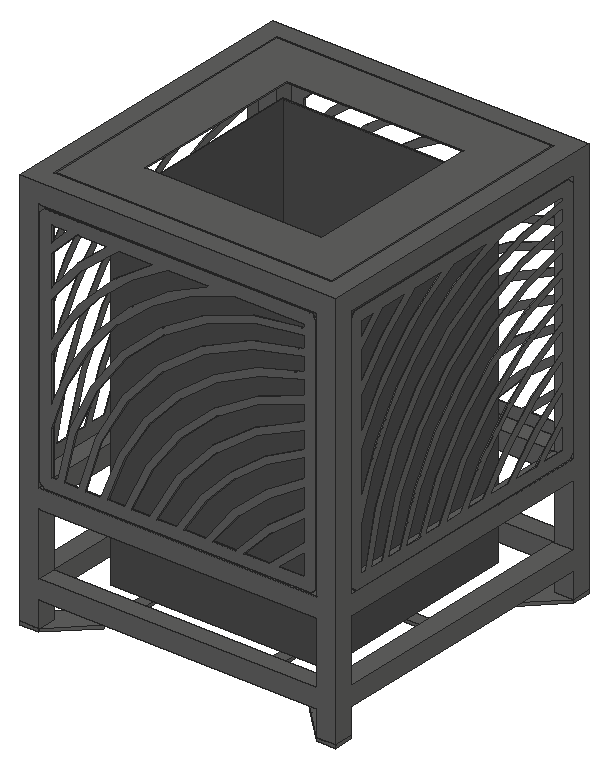
Revit family
Parameters (values of type "JC2-2000")
  Width = 2' - 1"
  URL = "http://www.sitescapesonline.com/index.asp"
  Type Comments = "Laser Pattern, 36 Gallon Receptacle, Top Opening,Surface Mount, Flat Top"
  Shell Material = Steel - SiteScapes - Powder Coat - Onyx
  Shell Bottom Inset = 0' - 0"
  Product Page URL = "http://www.sitescapesonline.com/jordancreek-trash-receptacles.asp"
  Product Documentation Link = "http://www.sitescapesonline.com/PDF/JC2-2000%20-%20Customer%20Print.PDF"
  Model = "JC2-2000"
  Manufacturer = "SiteScapes Inc."  # constant formula
  Lid Bottom Inset = 2' - 7 7/8"
  Height = 2' - 7 7/8"
  Diameter = 2' - 0 1/2"
  Description = "Top Opening, Surface Mount"
  Depth = 2' - 1"
  Copyright © = "2010 SiteScapes Inc."  # constant formula
  Body Bottom Inset = 0' - 2 1/2"
  Assembly Code = ""
  03 Lid Type = Lid-Flat_Top-SiteScapes-Square : 24"
Types (3): name | Type Comments | Product Documentation Link | Model | 03 Lid Type
  JC2-2000 | "Laser Pattern, 36 Gallon Receptacle, Top Opening,Surface Mount, Flat Top" | "http://www.sitescapesonline.com/PDF/JC2-2000%20-%20Customer%20Print.PDF" | "JC2-2000" | Lid-Flat_Top-SiteScapes-Square : 24"
  JC2-2001 | "Laser Pattern, 36 Gallon Receptacle, Top Opening,Surface Mount, Dome Top" | "http://www.sitescapesonline.com/PDF/JC2-2001%20-%20Customer%20Print.PDF" | "JC2-2001" | Lid-Dome_Top-SiteScapes-Square : 24"
  JC2-2002 | "Laser Pattern, 36 Gallon Receptacle, Top Opening,Surface Mount, Ash Top" | "http://www.sitescapesonline.com/PDF/JC2-2002%20-%20Customer%20Print.PDF" | "JC2-2002" | Lid-Ash_Top-SiteScapes-Square : 24"
Reference planes (in)
  plane 1 "Center Front/Back": y = 0
  plane 2 "Original Bottom": z = 0
  plane 3 "Center Left/Right": x = 0
  plane 4 "Left": x = -12.5
  plane 5 "Right": x = 12.5
  plane 6 "Front": y = -12.5
  plane 7 "Top": z = 31.875
  plane 8 "Shell Bottom": z = 0
  plane 9 "Body Top": z = 2.5
  plane 10 "Lid Bottom": z = 31.875
  plane 11 "Back": y = 12.5
Dimensions and locks (in)
  equal spacing: plane 4 "Left", plane 3 "Center Left/Right", plane 5 "Right"
  "Width": plane 4 "Left" to plane 5 "Right"
  equal spacing: plane 11 "Back", plane 1 "Center Front/Back", plane 6 "Front"
  "Depth": plane 11 "Back" to plane 6 "Front"
  "Height": plane 7 "Top" to plane 2 "Original Bottom"
  "Lid Bottom Inset": plane 10 "Lid Bottom" to plane 2 "Original Bottom"
  "Shell Bottom Inset": plane 8 "Shell Bottom" to plane 2 "Original Bottom"
  "Body Bottom Inset": plane 9 "Body Top" to plane 2 "Original Bottom"
  aligned and locked: level to plane 2 "Original Bottom"
  aligned and locked: plane 3 "Center Left/Right" to nested 1
  aligned and locked: plane 1 "Center Front/Back" to nested 1
  aligned and locked: plane 9 "Body Top" to nested 1
  aligned and locked: plane 4 "Left" to nested 2
  aligned and locked: plane 11 "Back" to nested 2
  aligned and locked: plane 7 "Top" to nested 2
  aligned and locked: plane 10 "Lid Bottom" to nested 3
  aligned and locked: plane 1 "Center Front/Back" to nested 3
  aligned and locked: plane 3 "Center Left/Right" to nested 3
  aligned and locked: plane 1 "Center Front/Back" to nested 4
  aligned and locked: plane 3 "Center Left/Right" to nested 4
  aligned and locked: plane 10 "Lid Bottom" to nested 4
  aligned and locked: plane 1 "Center Front/Back" to nested 5
  aligned and locked: plane 3 "Center Left/Right" to nested 5
  aligned and locked: plane 10 "Lid Bottom" to nested 5
Nested families (in)
  nested 1: "Liner-Receptacle-SiteScapes-Square" at (0, 0, 2.5), type "36 Gal."
  nested 2: "Shell-Surface-SiteScapes-Square-Jordan_Creek" at (0, 0, 0), type "30 5/8"x40 5/8""
  nested 3: "Lid-Flat_Top-SiteScapes-Square" at (0, 0, 31.815), type <- "03 Lid Type", type "24""
  nested 4: "Lid-Flat_Top-SiteScapes-Square" at (0, 0, 31.815), type <- "03 Lid Type", type "24""
  nested 5: "Lid-Flat_Top-SiteScapes-Square" at (0, 0, 31.815), type <- "03 Lid Type", type "24""
Definition of nested family "Liner-Receptacle-SiteScapes-Square"
  Parameters (values of type "36 Gal.")
    Width = Depth  # 1' - 5 1/16"
    Product Page URL = ""
    Product Documentation Link = ""
    Material = Polyethelene - SiteScapes - High Density - Black
    Height = 2' - 3"
    Depth = 1' - 5 1/16"
    Copyright © = ""
    Assembly Code = ""
  Reference planes (in)
    plane 1 "Center (Front/Back)": y = 0
    plane 2 "Original Bottom": z = 0
    plane 3 "Center (Left/Right)": x = 0
    plane 4 "Left": x = -8.53125
    plane 5 "Right": x = 8.53125
    plane 6 "Front": y = -8.53125
    plane 7 "Top": z = 27
    plane 8 "Back": y = 8.53125
    plane 9 "Left Inset": x = -8.48047
    plane 10 "Back inset": y = 8.48047
    plane 11 "Right Inset": x = 8.48047
    plane 12 "Front Inset": y = -8.48047
    plane 13 "Bottom Inset": z = 0.0625
  Forms (in)
    Extrusion 1, solid, material "Polyethelene - SiteScapes - High Density - Black" <- "Material", detail levels medium+fine
      sketch origin (0, 0, 0) x (1, 0, 0) y (0, 1, 0)
        loop
          line (-8.53125, -8.53125) -> (8.53125, -8.53125) -> (8.53125, 8.53125) -> (-8.53125, 8.53125) -> (-8.53125, -8.53125)
      from 0 to 27
    Extrusion 2, void
      sketch origin (0, 0, 0) x (1, 0, 0) y (0, 1, 0)
        loop
          line (-8.48047, -8.48047) -> (8.48047, -8.48047) -> (8.48047, 8.48047) -> (-8.48047, 8.48047) -> (-8.48047, -8.48047)
      from 0.0625 to 27
  Cuts and joins
    Extrusion 2 cuts Extrusion 1
  Lines and regions (in)
    Masking region 1
      outline origin (0, 0, 0) x (1, 0, 0) y (0, 0, 1)
        loop
          line (-8.53125, 27) -> (-8.53125, 0) -> (8.53125, 0) -> (8.53125, 27) -> (-8.53125, 27)
    Masking region 2
      outline origin (0, 0, 0) x (0, 1, 0) y (0, 0, 1)
        loop
          line (-8.53125, 27) -> (-8.53125, 0) -> (8.53125, 0) -> (8.53125, 27) -> (-8.53125, 27)
    model lines, style "Receptor Shell", detail levels coarse
      curve 1: line (-8.53125, 8.53125, 0) -> (8.53125, 8.53125, 0)
      curve 2: line (-8.53125, -8.53125, 0) -> (-8.53125, 8.53125, 0)
      curve 3: line (8.53125, -8.53125, 0) -> (-8.53125, -8.53125, 0)
      curve 4: line (8.53125, 8.53125, 0) -> (8.53125, -8.53125, 0)
      curve 5: line (-8.53125, 8.53125, 27) -> (8.53125, 8.53125, 27)
      curve 6: line (-8.53125, -8.53125, 27) -> (-8.53125, 8.53125, 27)
      curve 7: line (8.53125, -8.53125, 27) -> (-8.53125, -8.53125, 27)
      curve 8: line (8.53125, 8.53125, 27) -> (8.53125, -8.53125, 27)
      curve 9: line (-8.53125, -8.53125, 0) -> (-8.53125, -8.53125, 27)
      curve 10: line (8.53125, -8.53125, 0) -> (8.53125, -8.53125, 27)
      curve 11: line (-8.53125, 8.53125, 0) -> (-8.53125, 8.53125, 27)
      curve 12: line (8.53125, 8.53125, 0) -> (8.53125, 8.53125, 27)
  Dimensions and locks (in)
    equal spacing: plane 4 "Left", plane 3 "Center (Left/Right)", plane 5 "Right"
    "Width": plane 4 "Left" to plane 5 "Right"
    "Height": plane 7 "Top" to plane 2 "Original Bottom"
    equal spacing: plane 8 "Back", plane 1 "Center (Front/Back)", plane 6 "Front"
    "Depth": plane 6 "Front" to plane 8 "Back"
    locked: plane 12 "Front Inset" to plane 6 "Front" at 0.05078
    locked: plane 11 "Right Inset" to plane 5 "Right" at 0.05078
    locked: plane 4 "Left" to plane 9 "Left Inset" at 0.05078
    locked: plane 8 "Back" to plane 10 "Back inset" at 0.05078
    locked: plane 13 "Bottom Inset" to plane 2 "Original Bottom" at 0.0625
    aligned and locked: plane 2 "Original Bottom" to level
    aligned and locked: Masking region 1 sketch curve to plane 7 "Top"
    aligned and locked: Masking region 1 sketch curve to plane 4 "Left"
    aligned and locked: Masking region 1 sketch curve to plane 5 "Right"
    aligned and locked: plane 2 "Original Bottom" to Masking region 1 sketch curve
    aligned and locked: Masking region 2 sketch curve to plane 7 "Top"
    aligned and locked: plane 6 "Front" to Masking region 2 sketch curve
    aligned and locked: plane 8 "Back" to Masking region 2 sketch curve
    aligned and locked: plane 2 "Original Bottom" to Masking region 2 sketch curve
    aligned and locked: Extrusion 1 sketch curve to plane 4 "Left"
    aligned and locked: plane 8 "Back" to Extrusion 1 sketch curve
    aligned and locked: plane 5 "Right" to Extrusion 1 sketch curve
    aligned and locked: Extrusion 1 sketch curve to plane 6 "Front"
    aligned and locked: plane 7 "Top" to Extrusion 1
    aligned and locked: Extrusion 1 to plane 2 "Original Bottom"
    aligned and locked: Extrusion 2 sketch curve to plane 9 "Left Inset"
    aligned and locked: Extrusion 2 sketch curve to plane 10 "Back inset"
    aligned and locked: Extrusion 2 sketch curve to plane 11 "Right Inset"
    aligned and locked: Extrusion 2 sketch curve to plane 12 "Front Inset"
    aligned and locked: plane 7 "Top" to Extrusion 2
    aligned and locked: Extrusion 2 to plane 13 "Bottom Inset"
    aligned and locked: curve 2 to plane 4 "Left"
    aligned and locked: curve 6 to plane 4 "Left"
    aligned and locked: plane 8 "Back" to curve 1
    aligned and locked: plane 8 "Back" to curve 5
    aligned and locked: curve 4 to plane 5 "Right"
    aligned and locked: curve 8 to plane 5 "Right"
    aligned and locked: plane 6 "Front" to curve 3
    aligned and locked: plane 6 "Front" to curve 7
    aligned and locked: plane 7 "Top" to curve 9
    aligned and locked: plane 7 "Top" to curve 11
    aligned and locked: plane 7 "Top" to curve 10
    aligned and locked: plane 7 "Top" to curve 12
    aligned and locked: plane 2 "Original Bottom" to curve 10
    aligned and locked: plane 2 "Original Bottom" to curve 12
    aligned and locked: plane 2 "Original Bottom" to curve 9
    aligned and locked: plane 2 "Original Bottom" to curve 11
    aligned and locked: curve 9 to plane 4 "Left"
    aligned and locked: curve 11 to plane 4 "Left"
    aligned and locked: plane 5 "Right" to curve 10
    aligned and locked: plane 5 "Right" to curve 12
Definition of nested family "Shell-Surface-SiteScapes-Square-Jordan_Creek"
  Parameters (values of type "30 5/8"x40 5/8"")
    Width = 2' - 1"
    Product Page URL = ""
    Product Documentation Link = ""
    Material = none
    Length = 2' - 7 1/4"
    Height = 2' - 7 7/8"
    Copyright © = ""
    CTRL Bars Height = Height - CTRL Bars Bottom Inset  # 2' - 4 3/8"
    CTRL Bars Bottom Inset = 0' - 3 1/2"  # constant formula
    Bar Count = 28  # constant formula
    Assembly Code = ""
  Reference planes (in)
    plane 1 "Center (Front/Back)": y = 0
    plane 2 "Original Bottom": z = 0
    plane 3 "Center (Left/Right)": x = 0
    plane 4 "Left": x = -12.5
    plane 5 "Right": x = 12.5
    plane 6 "Front": y = -12.5
    plane 7 "Top": z = 31.875
    plane 8 "Back": y = 12.5
    plane 9 "Middle Bar Bottom": z = 8.75
    plane 10 "Bottom Bar": z = 2.25
    plane 11 "Left Inside Leg": x = -11
    plane 12 "Right Inside Leg": x = 11
    plane 13 "Top Bar": z = 30.375
    plane 14: z = 10.3125
    plane 15 "Middle Bar": z = 10.25
    plane 16: y = 11
    plane 17: y = -11
    plane 18: y = 11
    plane 19: y = -11
    plane 20: y = 11
    plane 21: y = -11
    plane 22: y = -10.9375
    plane 23: x = -10.9375
  Forms (in)
    Sweep 1, solid, material <- "Material", detail levels medium+fine
      path origin (12.5, 0, 6.5) x (0, -1, 0) y (0, 0, 1)
        loop
          line (-11, 2.25) -> (-11, 3.75)
      profile origin (12.5, 11, 9.5) x (0, -1, 0) y (1, 0, 0)
        loop
          line (-1.5, -25) -> (23.5, -25) -> (23.5, 0) -> (-1.5, 0) -> (-1.5, -25)
        loop
          line (0, -23.5) -> (22, -23.5) -> (22, -1.5625) -> (0, -1.5625) -> (0, -23.5)
    Sweep 2, solid, material <- "Material", detail levels medium+fine
      path origin (12.5, 0, 28.125) x (0, -1, 0) y (0, 0, 1)
        loop
          line (-11, 2.25) -> (-11, 3.75)
      profile origin (12.5, 11, 31.125) x (0, -1, 0) y (1, 0, 0)
        loop
          line (-1.5, -25) -> (23.5, -25) -> (23.5, 0) -> (-1.5, 0) -> (-1.5, -25)
        loop
          line (0, -23.5) -> (22, -23.5) -> (22, -1.5625) -> (0, -1.5625) -> (0, -23.5)
    Sweep 3, solid, material <- "Material", detail levels medium+fine
      path origin (12.5, 0, 0) x (0, -1, 0) y (0, 0, 1)
        loop
          line (-12.5, 0) -> (-12.5, 31.875)
      profile origin (12.5, 12.5, 15.9375) x (0, -1, 0) y (1, 0, 0)
        loop
          line (0, -25) -> (1.5, -25) -> (1.5, -23.5) -> (0, -23.5) -> (0, -25)
        loop
          line (0, -1.5) -> (1.5, -1.5) -> (1.5, 0) -> (0, 0) -> (0, -1.5)
        loop
          line (25, 0) -> (23.5, 0) -> (23.5, -1.5) -> (25, -1.5) -> (25, 0)
        loop
          line (25, -25) -> (25, -23.5) -> (23.5, -23.5) -> (23.5, -25) -> (25, -25)
    Sweep 4, solid, material <- "Material", detail levels medium+fine
      path origin (12.5, 0, 0) x (0, -1, 0) y (0, 0, 1)
        loop
          line (12.5, 0) -> (12.5, 0.25)
      profile origin (12.5, -12.5, 0.125) x (0, -1, 0) y (1, 0, 0)
        loop
          line (0, -25) -> (0, -23.5) -> (-2.82843, -20.67157) -> (-4.32843, -22.17157) -> (-1.5, -25) -> (0, -25)
        loop
          line (0, 0) -> (-1.5, 0) -> (-4.32843, -2.82843) -> (-2.82843, -4.32843) -> (0, -1.5) -> (0, 0)
        loop
          line (-25, -25) -> (-23.5, -25) -> (-20.67157, -22.17157) -> (-22.17157, -20.67157) -> (-25, -23.5) -> (-25, -25)
        loop
          line (-25, 0) -> (-25, -1.5) -> (-22.17157, -4.32843) -> (-20.67157, -2.82843) -> (-23.5, 0) -> (-25, 0)
    Sweep 5, solid, material <- "Material", detail levels medium+fine
      path origin (12.5, 0, 0) x (0, -1, 0) y (0, 0, 1)
        loop
          line (0, 2.25) -> (0, 2.5)
      profile origin (12.5, 0, 2.375) x (0, -1, 0) y (1, 0, 0)
        loop
          line (-11, -17.56858) -> (-11, -18.5725) -> (-0.45297, -18.5725) -> (-0.45297, -23.5) -> (0.55095, -23.5) -> (0.55095, -18.5725) -> (11, -18.5725) -> (11, -17.56858) -> (-11, -17.56858)
        loop
          line (-11, -7.52939) -> (11, -7.52939) -> (11, -6.52547) -> (0.55095, -6.52547) -> (0.55095, -1.5) -> (-0.44905, -1.5) -> (-0.44905, -6.52547) -> (-11, -6.52547) -> (-11, -7.52939)
    Sweep 6, solid, material <- "Material", detail levels medium+fine
      path origin (12.5, 0, 0) x (0, -1, 0) y (0, 0, 1)
        loop
          line (-11, 2.25) -> (-11, 3.75)
      profile origin (12.5, 11, 3) x (0, -1, 0) y (1, 0, 0)
        loop
          line (-1.5, -25) -> (23.5, -25) -> (23.5, 0) -> (-1.5, 0) -> (-1.5, -25)
        loop
          line (0, -23.5) -> (22, -23.5) -> (22, -1.5625) -> (0, -1.5625) -> (0, -23.5)
  Cuts and joins
    joined: Sweep 1, Sweep 2, Sweep 3, Sweep 6
  Lines and regions (in)
    Masking region 1, detail levels medium+fine
      outline origin (12.5, 0, 6.5) x (0, -1, 0) y (0, 0, 1)
        loop
          line (12.5, 25.375) -> (-12.5, 25.375) -> (-12.5, -6.5) -> (-8.17157, -6.5) -> (-8.17157, -6.25) -> (-11, -6.25) -> (-11, -4.25) -> (11, -4.25) -> (11, -6.25) -> (8.17157, -6.25) -> (8.17157, -6.5) -> (12.5, -6.5) -> (12.5, 25.375)
        loop
          line (11, -2.75) -> (11, 2.25) -> (-11, 2.25) -> (-11, -2.75) -> (11, -2.75)
        loop
          line (11, 3.75) -> (11, 23.875) -> (-11, 23.875) -> (-11, 3.75) -> (11, 3.75)
    Masking region 2, detail levels medium+fine
      outline origin (0, 0, 0) x (1, 0, 0) y (0, 0, 1)
        loop
          line (-12.5, 31.875) -> (-12.5, 0) -> (-8.17157, 0) -> (-8.17157, 0.25) -> (-11, 0.25) -> (-11, 2.25) -> (11, 2.25) -> (11, 0.25) -> (8.17157, 0.25) -> (8.17157, 0) -> (12.5, 0) -> (12.5, 31.875) -> (-12.5, 31.875)
        loop
          line (-11, 8.75) -> (-11, 3.75) -> (10.9375, 3.75) -> (10.9375, 8.75) -> (-11, 8.75)
        loop
          line (-11, 30.375) -> (-11, 10.25) -> (11, 10.25) -> (11, 30.375) -> (-11, 30.375)
    Masking region 3, detail levels medium+fine
      outline origin (0, 0, 2.25) x (0, 1, 0) y (-1, 0, 0)
        loop
          line (12.5, 12.5) -> (-12.5, 12.5) -> (-12.5, -12.5) -> (12.5, -12.5) -> (12.5, 12.5)
        loop
          line (11, 9.5) -> (9.67157, 8.17157) -> (8.17157, 9.67157) -> (9.5, 11) -> (0.45297, 11) -> (0.45297, 6.0725) -> (11, 6.0725) -> (11, 9.5)
        loop
          line (-9.5, 11) -> (-8.17157, 9.67157) -> (-9.67157, 8.17157) -> (-10.9375, 9.4375) -> (-10.9375, 6.0725) -> (-0.55095, 6.0725) -> (-0.55095, 11) -> (-9.5, 11)
        loop
          line (-10.9375, -9.4375) -> (-9.67157, -8.17157) -> (-8.17157, -9.67157) -> (-9.5, -11) -> (-0.55095, -11) -> (-0.55095, -5.97453) -> (-10.9375, -5.97453) -> (-10.9375, -9.4375)
        loop
          line (9.5, -11) -> (8.17157, -9.67157) -> (9.67157, -8.17157) -> (11, -9.5) -> (11, -5.97453) -> (0.44905, -5.97453) -> (0.44905, -11) -> (9.5, -11)
        loop
          line (-10.9375, -4.97061) -> (11, -4.97061) -> (11, 5.06858) -> (-10.9375, 5.06858) -> (-10.9375, -4.97061)
    model lines, detail levels coarse
      curve 1: line (12.5, -12.5, 31.875) -> (12.5, -12.5, 0)
      curve 2: line (12.5, 12.5, 0) -> (12.5, 12.5, 31.875)
      curve 3: line (-12.5, -12.5, 31.875) -> (-12.5, -12.5, 0)
      curve 4: line (-12.5, 12.5, 0) -> (-12.5, 12.5, 31.875)
      curve 5: line (-12.5, -12.5, 0) -> (-8.92157, -8.92157, 0)
      curve 6: line (-8.92157, 8.92157, 0) -> (-12.5, 12.5, 0)
      curve 7: line (8.92157, 8.92157, 0) -> (12.5, 12.5, 0)
      curve 8: line (8.92157, -8.92157, 0) -> (12.5, -12.5, 0)
      curve 9: line (-12.5, 12.5, 31.875) -> (12.5, 12.5, 31.875)
      curve 10: line (-12.5, -12.5, 31.875) -> (-12.5, 12.5, 31.875)
      curve 11: line (12.5, -12.5, 31.875) -> (-12.5, -12.5, 31.875)
      curve 12: line (12.5, 12.5, 31.875) -> (12.5, -12.5, 31.875)
      curve 13: line (-12.5, 12.5, 8.75) -> (12.5, 12.5, 8.75)
      curve 14: line (-12.5, -12.5, 8.75) -> (-12.5, 12.5, 8.75)
      curve 15: line (12.5, -12.5, 8.75) -> (-12.5, -12.5, 8.75)
      curve 16: line (12.5, 12.5, 8.75) -> (12.5, -12.5, 8.75)
      curve 17: line (-12.5, 12.5, 2.25) -> (12.5, 12.5, 2.25)
      curve 18: line (-12.5, -12.5, 2.25) -> (-12.5, 12.5, 2.25)
      curve 19: line (12.5, -12.5, 2.25) -> (-12.5, -12.5, 2.25)
      curve 20: line (12.5, 12.5, 2.25) -> (12.5, -12.5, 2.25)
      curve 21: line (-5.06858, -12.5, 2.25) -> (-5.06858, 12.5, 2.25)
      curve 22: line (-5.06858, 0, 2.25) -> (-12.5, 0, 2.25)
      curve 23: line (5.47257, 12.5, 2.25) -> (5.47257, -12.5, 2.25)
      curve 24: line (5.47257, 0, 2.25) -> (12.5, 0, 2.25)
  Dimensions and locks (in)
    equal spacing: plane 4 "Left", plane 3 "Center (Left/Right)", plane 5 "Right"
    "Width": plane 4 "Left" to plane 5 "Right"
    equal spacing: plane 8 "Back", plane 1 "Center (Front/Back)", plane 6 "Front"
    "Width": plane 6 "Front" to plane 8 "Back"
    "Height": plane 7 "Top" to plane 2 "Original Bottom"
    plane 7 "Top" to plane 2 "Original Bottom" = 2' - 7 7/8"
    locked: plane 9 "Middle Bar Bottom" to plane 2 "Original Bottom" at 8.75
    locked: plane 14 to plane 15 "Middle Bar" at 0.0625
    aligned and locked: plane 2 "Original Bottom" to level
    aligned and locked: plane 14 to nested 1
    aligned and locked: plane 8 "Back" to nested 2
    aligned and locked: nested 4 to plane 4 "Left"
    aligned and locked: plane 5 "Right" to nested 3
    aligned and locked: nested 1 to plane 6 "Front"
    aligned and locked: Sweep 1 sketch curve to plane 16
    aligned and locked: plane 17 to Sweep 1 sketch curve
    aligned and locked: Sweep 2 sketch curve to plane 18
    aligned and locked: plane 19 to Sweep 2 sketch curve
    aligned and locked: plane 9 "Middle Bar Bottom" to Sweep 1
    aligned and locked: plane 15 "Middle Bar" to Sweep 1
    aligned and locked: plane 13 "Top Bar" to Sweep 2
    aligned and locked: plane 7 "Top" to Sweep 2
    aligned and locked: Sweep 4 sketch curve to plane 4 "Left"
    aligned and locked: Sweep 4 sketch curve to plane 6 "Front"
    aligned and locked: Sweep 6 sketch curve to plane 20
    aligned and locked: plane 21 to Sweep 6 sketch curve
    aligned and locked: Masking region 1 sketch curve to Sweep 3  (x2)
    aligned and locked: Masking region 1 sketch curve to Sweep 2
    aligned and locked: Masking region 1 sketch curve to Sweep 4  (x3)
    aligned and locked: Sweep 4 to Masking region 1 sketch curve  (x2)
    aligned and locked: Sweep 3 to Masking region 1 sketch curve  (x5)
    aligned and locked: Sweep 6 to Masking region 1 sketch curve  (x2)
    aligned and locked: Sweep 1 to Masking region 1 sketch curve  (x2)
    aligned and locked: Sweep 2 to Masking region 1 sketch curve
    aligned and locked: Masking region 2 sketch curve to Sweep 3  (x2)
    aligned and locked: Masking region 2 sketch curve to Sweep 2  (x3)
    aligned and locked: Sweep 4 to Masking region 2 sketch curve
    aligned and locked: Masking region 2 sketch curve to Sweep 4  (x2)
    aligned and locked: Masking region 2 sketch curve to Sweep 1  (x2)
    aligned and locked: Sweep 6 to Masking region 2 sketch curve
    aligned and locked: Masking region 2 sketch curve to Sweep 6
    aligned and locked: plane 15 "Middle Bar" to Masking region 2 sketch curve
    aligned and locked: Masking region 2 sketch curve to plane 12 "Right Inside Leg"
    aligned and locked: plane 14 to nested 3
    aligned and locked: nested 4 to plane 14
    aligned and locked: plane 22 to nested 3
    aligned and locked: nested 4 to plane 22
    aligned and locked: nested 2 to plane 14  (x2)
    aligned and locked: plane 23 to nested 1
    aligned and locked: nested 2 to plane 23
    aligned and locked: curve 1 to plane 6 "Front"
    aligned and locked: curve 2 to plane 8 "Back"
    aligned and locked: curve 7 to plane 2 "Original Bottom"
    aligned and locked: plane 2 "Original Bottom" to curve 8
    aligned and locked: plane 8 "Back" to curve 4
    aligned and locked: plane 6 "Front" to curve 3
    aligned and locked: plane 2 "Original Bottom" to Sweep 4
    aligned and locked: plane 2 "Original Bottom" to curve 5
    aligned and locked: plane 2 "Original Bottom" to curve 6
    aligned and locked: curve 10 to plane 4 "Left"
    aligned and locked: plane 8 "Back" to curve 9
    aligned and locked: curve 12 to plane 5 "Right"
    aligned and locked: plane 6 "Front" to curve 11
    aligned and locked: curve 14 to plane 4 "Left"
    aligned and locked: plane 8 "Back" to curve 13
    aligned and locked: curve 16 to plane 5 "Right"
    aligned and locked: plane 6 "Front" to curve 15
    aligned and locked: curve 18 to plane 4 "Left"
    aligned and locked: plane 8 "Back" to curve 17
    aligned and locked: curve 20 to plane 5 "Right"
    aligned and locked: plane 6 "Front" to curve 19
    aligned and locked: plane 7 "Top" to curve 12
    aligned and locked: plane 9 "Middle Bar Bottom" to curve 16
    aligned and locked: plane 10 "Bottom Bar" to curve 20
    aligned and locked: plane 10 "Bottom Bar" to curve 23
    aligned and locked: curve 21 to plane 10 "Bottom Bar"
    aligned and locked: Masking region 3 sketch curve to plane 4 "Left"
    aligned and locked: Masking region 3 sketch curve to plane 5 "Right"
    aligned and locked: plane 8 "Back" to Masking region 3 sketch curve
    aligned and locked: plane 6 "Front" to Masking region 3 sketch curve
    aligned and locked: Masking region 3 sketch curve to plane 22
    aligned and locked: Sweep 2 to Masking region 3 sketch curve
    aligned and locked: plane 11 "Left Inside Leg" to Masking region 3 sketch curve
    aligned and locked: Masking region 3 sketch curve to plane 12 "Right Inside Leg"
    aligned and locked: Sweep 4 to Masking region 3 sketch curve  (x4)
    aligned and locked: Masking region 3 sketch curve to Sweep 4  (x8)
  Automatic sketch dimensions
    Sweep 1 sketch curve to plane 15 "Middle Bar" = 0' - 0"
    Sweep 1 sketch curve to plane 9 "Middle Bar Bottom" = 0' - 0"
    Sweep 1 sketch curve to plane 8 "Back" = 0' - 1 1/2"
    Sweep 1 sketch curve to plane 5 "Right" = 0' - 0"
    profile plane to Sweep 1 sketch curve = 0' - 1 1/2"
    Sweep 1 sketch curve to plane 17 = 0' - 1 1/2"
    Sweep 1 sketch curve to plane 5 "Right" = 0' - 1 9/16"
    Sweep 1 sketch curve to Sweep 1 sketch curve = 1' - 9 15/16"
    Sweep 1 sketch curve to Sweep 1 sketch curve = 0' - 1 1/2"
    Sweep 2 sketch curve to plane 7 "Top" = 0' - 0"
    Sweep 2 sketch curve to plane 13 "Top Bar" = 0' - 0"
    Sweep 2 sketch curve to plane 8 "Back" = 0' - 1 1/2"
    Sweep 2 sketch curve to plane 5 "Right" = 0' - 0"
    profile plane to Sweep 2 sketch curve = 0' - 1 1/2"
    Sweep 2 sketch curve to plane 19 = 0' - 1 1/2"
    Sweep 2 sketch curve to plane 5 "Right" = 0' - 1 9/16"
    Sweep 2 sketch curve to Sweep 2 sketch curve = 1' - 9 15/16"
    Sweep 2 sketch curve to Sweep 2 sketch curve = 0' - 1 1/2"
    Sweep 3 sketch curve to plane 7 "Top" = 0' - 0"
    Sweep 3 sketch curve to plane 8 "Back" = 0' - 0"
    Sweep 3 sketch curve to level = 0' - 0"
    Sweep 3 sketch curve to profile plane = 0' - 0"  (x2)
    Sweep 3 sketch curve to plane 5 "Right" = 0' - 0"  (x2)
    Sweep 3 sketch curve to profile plane = 0' - 1 1/2"
    Sweep 3 sketch curve to Sweep 3 sketch curve = 0' - 1 1/2"  (x7)
    Sweep 3 sketch curve to Sweep 3 sketch curve = 1' - 10"  (x3)
    Sweep 3 sketch curve to Sweep 3 sketch curve = 0' - 0"
    Sweep 4 sketch curve to plane 6 "Front" = 0' - 0"
    Sweep 4 sketch curve to level = 0' - 0"
    Sweep 4 sketch curve to Sweep 4 sketch curve = 0' - 0 1/4"
    Sweep 4 sketch curve to plane 5 "Right" = 0' - 0"  (x2)
    Sweep 4 sketch curve to profile plane = 0' - 0"
    profile plane to Sweep 4 sketch curve = 0' - 1 1/2"  (x2)
    profile plane to Sweep 4 sketch curve = 0' - 2.82843"  (x2)
    Sweep 4 sketch curve to Sweep 4 sketch curve = 0' - 1 1/2"  (x8)
    Sweep 4 sketch curve to plane 5 "Right" = 0' - 2.82843"  (x2)
    Sweep 4 sketch curve to Sweep 4 sketch curve = 1' - 4.34315"  (x2)
    Sweep 4 sketch curve to plane 5 "Right" = 0' - 4.32843"
    Sweep 4 sketch curve to Sweep 4 sketch curve = 0' - 2.82843"
    Sweep 4 sketch curve to Sweep 4 sketch curve = 1' - 8.67157"
    profile plane to Sweep 5 sketch curve = 0' - 11"  (x2)
    profile plane to Sweep 5 sketch curve = 0' - 0.45297"
    profile plane to Sweep 5 sketch curve = 0' - 0.44905"
    Sweep 5 sketch curve to profile plane = 0' - 0.55095"  (x2)
    Sweep 5 sketch curve to Sweep 5 sketch curve = 0' - 10.44905"  (x2)
    Sweep 5 sketch curve to plane 5 "Right" = 1' - 11 1/2"
    Sweep 5 sketch curve to Sweep 5 sketch curve = 0' - 4.9275"
    Sweep 5 sketch curve to Sweep 5 sketch curve = 0' - 0"
    Sweep 5 sketch curve to Sweep 5 sketch curve = 0' - 1 1/256"  (x3)
    Sweep 5 sketch curve to plane 5 "Right" = 0' - 7.52939"
    Sweep 5 sketch curve to plane 5 "Right" = 0' - 1 1/2"
    Sweep 5 sketch curve to plane 1 "Center (Front/Back)" = 0' - 0"
    Sweep 5 sketch curve to plane 10 "Bottom Bar" = 0' - 0"
    Sweep 5 sketch curve to plane 10 "Bottom Bar" = 0' - 0 1/4"
    Sweep 6 sketch curve to plane 10 "Bottom Bar" = 0' - 0"
    Sweep 6 sketch curve to plane 8 "Back" = 0' - 1 1/2"
    Sweep 6 sketch curve to plane 10 "Bottom Bar" = 0' - 1 1/2"
    Sweep 6 sketch curve to plane 5 "Right" = 0' - 0"
    profile plane to Sweep 6 sketch curve = 0' - 1 1/2"
    Sweep 6 sketch curve to plane 21 = 0' - 1 1/2"
    Sweep 6 sketch curve to plane 5 "Right" = 0' - 1 9/16"
    Sweep 6 sketch curve to Sweep 6 sketch curve = 1' - 9 15/16"
    Sweep 6 sketch curve to Sweep 6 sketch curve = 0' - 1 1/2"
    Masking region 1 sketch curve to level = 0' - 0"
    Masking region 1 sketch curve to Masking region 1 sketch curve = 0' - 0"
    Masking region 2 sketch curve to plane 11 "Left Inside Leg" = 0' - 0"
    Masking region 2 sketch curve to level = 0' - 0"
    Masking region 2 sketch curve to plane 10 "Bottom Bar" = 0' - 0"
    Masking region 2 sketch curve to plane 12 "Right Inside Leg" = 0' - 0"
    plane 11 "Left Inside Leg" to Masking region 2 sketch curve = 0' - 2.82843"
    level to Masking region 2 sketch curve = 0' - 0 1/4"
    curve 2 to level = 0' - 0"
    curve 2 to plane 7 "Top" = 0' - 0"
    curve 1 to plane 7 "Top" = 0' - 0"
    curve 4 to level = 0' - 0"
    curve 4 to plane 7 "Top" = 0' - 0"
    curve 3 to plane 7 "Top" = 0' - 0"
    curve 3 to level = 0' - 0"
    curve 1 to level = 0' - 0"
    curve 6 to plane 4 "Left" = 0' - 0"
    curve 5 to plane 4 "Left" = 0' - 0"
    curve 8 to plane 5 "Right" = 0' - 0"
    curve 7 to plane 5 "Right" = 0' - 0"
    curve 8 to plane 6 "Front" = 0' - 0"
    curve 5 to plane 6 "Front" = 0' - 0"
    plane 8 "Back" to curve 7 = 0' - 0"
    plane 8 "Back" to curve 6 = 0' - 0"
    curve 6 to plane 23 = 0' - 2.01593"
    curve 5 to plane 23 = 0' - 2.01593"
    curve 8 to plane 12 "Right Inside Leg" = 0' - 2.07843"
    curve 7 to plane 12 "Right Inside Leg" = 0' - 2.07843"
    curve 8 to plane 22 = 0' - 2.01593"
    curve 5 to plane 22 = 0' - 2.01593"
    plane 8 "Back" to curve 7 = 0' - 3.57843"
    plane 8 "Back" to curve 6 = 0' - 3.57843"
    plane 1 "Center (Front/Back)" to curve 22 = 0' - 0"
    plane 1 "Center (Front/Back)" to curve 24 = 0' - 0"
    plane 3 "Center (Left/Right)" to curve 23 = 0' - 5.47257"
    curve 22 to plane 3 "Center (Left/Right)" = 0' - 5.06858"
    plane 1 "Center (Front/Back)" to Masking region 3 sketch curve = 0' - 0.55095"  (x2)
    Masking region 3 sketch curve to plane 1 "Center (Front/Back)" = 0' - 0.44905"
    Masking region 3 sketch curve to Masking region 3 sketch curve = 0' - 0"  (x2)
    Masking region 3 sketch curve to Masking region 3 sketch curve = 0' - 1 1/256"  (x3)
    Masking region 3 sketch curve to plane 12 "Right Inside Leg" = 0' - 0"
    plane 22 to Masking region 3 sketch curve = 0' - 0"  (x2)
    Masking region 3 sketch curve to plane 11 "Left Inside Leg" = 0' - 0"
    Masking region 3 sketch curve to plane 1 "Center (Front/Back)" = 0' - 0.45297"
    Masking region 3 sketch curve to Masking region 3 sketch curve = 0' - 1.32843"
    Masking region 3 sketch curve to Masking region 3 sketch curve = 0' - 2.19705"
    Masking region 3 sketch curve to Masking region 3 sketch curve = 0' - 2.09907"
  Nested families (in)
    nested 1: "Panel-SiteScapes-Jordan_Creek_Detail" at (0, -12.5, 10.3125), type "5/16"x11/2""
    nested 2: "Panel-SiteScapes-Jordan_Creek_Detail" at (0, 12.5, 10.3125), type "5/16"x11/2""
    nested 3: "Panel-SiteScapes-Jordan_Creek_Detail" at (12.5, 0, 10.3125) x (0, 1, 0) z (0, 0, 1), type "5/16"x11/2""
    nested 4: "Panel-SiteScapes-Jordan_Creek_Detail" at (-12.5, 0, 10.3125) x (0, 1, 0) z (0, 0, 1), type "5/16"x11/2""
  Definition of nested family "Panel-SiteScapes-Jordan_Creek_Detail"
    Parameters (values of type "5/16"x11/2"")
      Width = 1' - 11 1/2"
      Product Page URL = ""
      Product Documentation Link = ""
      Material = none
      Height = 0' - 1"
      Depth = 0' - 0 1/4"
      Copyright © = ""
      Assembly Code = ""
    Reference planes (in)
      plane 1 "Center (Front/Back)": y = 0
      plane 2 "Original Bottom": z = 0
      plane 3 "Center (Left/Right)": x = 0
      plane 4 "Left": x = -10.9375
      plane 5 "Right": x = 10.9375
      plane 6: y = 0.0625
    Forms (in)
      Extrusion 1, solid, material <- "Material", detail levels medium+fine
        sketch origin (0, -0.25, 0) x (-1, 0, 0) y (0, 0, 1)
          loop
            line (10.5625, 19.875) -> (-10.5625, 19.875) -> (-10.9375, 19.5) -> (-10.9375, 0.375) -> (-10.5625, 0) -> (10.5625, 0) -> (10.9375, 0.375) -> (10.9375, 19.5) -> (10.5625, 19.875)
          loop
            arc (8.68725, 18.9375) -> (9.35853, 18.29485) -> (10, 17.62245) r 20.5
            line (10, 17.62245) -> (10, 18.9375) -> (8.68725, 18.9375)
          loop
            line (7.93507, 18.9375) -> (5.54723, 18.9375)
            arc (5.54723, 18.9375) -> (7.94613, 16.87883) -> (10, 14.47581) r 20.5
            line (10, 14.47581) -> (10, 16.86875)
            arc (10, 16.86875) -> (9.00538, 17.9409) -> (7.93507, 18.9375) r 20
          loop
            line (4.6802, 18.9375) -> (1.91625, 18.9375)
            arc (1.91625, 18.9375) -> (6.53518, 15.46134) -> (10, 10.83391) r 20.5
            line (10, 10.83391) -> (10, 13.60622)
            arc (10, 13.60622) -> (7.59332, 16.52453) -> (4.6802, 18.9375) r 20
          loop
            line (0.83374, 18.9375) -> (-2.67537, 18.9375)
            arc (-2.67537, 18.9375) -> (5.12943, 14.03864) -> (10, 6.21615) r 20.5
            line (10, 6.21615) -> (10, 9.74596)
            arc (10, 9.74596) -> (6.18333, 15.10608) -> (0.83374, 18.9375) r 20
          loop
            line (-4.40553, 18.9375) -> (-10, 18.9375) -> (-10, 18.63913)
            arc (-10, 18.63913) -> (2.97077, 13.33497) -> (9.50359, 0.9375) r 20.5
            line (9.50359, 0.9375) -> (10, 0.9375) -> (10, 4.46122)
            arc (10, 4.46122) -> (4.78425, 13.67667) -> (-4.40553, 18.9375) r 20
          loop
            line (-10, 18.13873) -> (-10, 17.12013)
            arc (-10, 17.12013) -> (1.55022, 11.9265) -> (7.84492, 0.9375) r 20.5
            line (7.84492, 0.9375) -> (8.9988, 0.9375)
            arc (8.9988, 0.9375) -> (2.61665, 12.98112) -> (-10, 18.13873) r 20
          loop
            line (-10, 16.6171) -> (-10, 15.50171)
            arc (-10, 15.50171) -> (0.12575, 10.52159) -> (6.08207, 0.9375) r 20.5
            line (6.08207, 0.9375) -> (7.33383, 0.9375)
            arc (7.33383, 0.9375) -> (1.19576, 11.57295) -> (-10, 16.6171) r 20
          loop
            line (-10, 14.99345) -> (-10, 13.78079)
            arc (-10, 13.78079) -> (-1.30315, 9.12066) -> (4.20936, 0.9375) r 20.5
            line (4.20936, 0.9375) -> (5.56169, 0.9375)
            arc (5.56169, 0.9375) -> (-0.22928, 10.16852) -> (-10, 14.99345) r 20
          loop
            line (-10, 13.26447) -> (-10, 11.95252)
            arc (-10, 11.95252) -> (-2.73727, 7.72442) -> (2.21873, 0.9375) r 20.5
            line (2.21873, 0.9375) -> (3.67625, 0.9375)
            arc (3.67625, 0.9375) -> (-1.65903, 8.76833) -> (-10, 13.26447) r 20
          loop
            line (-10, 11.42492) -> (-10, 10.00987)
            arc (-10, 10.00987) -> (-4.17781, 6.3339) -> (0.09881, 0.9375) r 20.5
            line (0.09881, 0.9375) -> (1.66867, 0.9375)
            arc (1.66867, 0.9375) -> (-3.09439, 7.37315) -> (-10, 11.42492) r 20
          loop
            line (-10, 9.4671) -> (-10, 7.9429)
            arc (-10, 7.9429) -> (-5.62664, 4.95071) -> (-2.16635, 0.9375) r 20.5
            line (-2.16635, 0.9375) -> (-0.47353, 0.9375)
            arc (-0.47353, 0.9375) -> (-4.53672, 5.98416) -> (-10, 9.4671) r 20
          loop
            line (-10, 7.38015) -> (-10, 5.73771)
            arc (-10, 5.73771) -> (-7.08673, 3.5774) -> (-4.59976, 0.9375) r 20.5
            line (-4.59976, 0.9375) -> (-2.76814, 0.9375)
            arc (-2.76814, 0.9375) -> (-5.98818, 4.60321) -> (-10, 7.38015) r 20
          loop
            line (-10, 5.14863) -> (-10, 3.37447)
            arc (-10, 3.37447) -> (-8.56311, 2.21822) -> (-7.23595, 0.9375) r 20.5
            line (-7.23595, 0.9375) -> (-5.24116, 0.9375)
            arc (-5.24116, 0.9375) -> (-7.45226, 3.23327) -> (-10, 5.14863) r 20
          loop
            line (-10, 2.75028) -> (-10, 0.9375) -> (-7.93249, 0.9375)
            arc (-7.93249, 0.9375) -> (-8.93505, 1.87946) -> (-10, 2.75028) r 20
        from 0.25 to 0.3125
    Lines and regions (in)
      Masking region 1, detail levels medium+fine
        outline origin (0, 0, 0) x (1, 0, 0) y (0, 0, 1)
          loop
            line (-10.9375, 19.5) -> (-10.9375, 0.375) -> (-10.5625, 0) -> (10.5625, 0) -> (10.9375, 0.375) -> (10.9375, 19.5) -> (10.5625, 19.875) -> (-10.5625, 19.875) -> (-10.9375, 19.5)
          loop
            arc (-10, 17.62245) -> (-9.35853, 18.29485) -> (-8.68725, 18.9375) r 20.5
            line (-8.68725, 18.9375) -> (-10, 18.9375) -> (-10, 17.62245)
          loop
            arc (-7.93507, 18.9375) -> (-9.00538, 17.9409) -> (-10, 16.86875) r 20
            line (-10, 16.86875) -> (-10, 14.47581)
            arc (-10, 14.47581) -> (-7.94613, 16.87883) -> (-5.54723, 18.9375) r 20.5
            line (-5.54723, 18.9375) -> (-7.93507, 18.9375)
          loop
            arc (-4.6802, 18.9375) -> (-7.59332, 16.52453) -> (-10, 13.60622) r 20
            line (-10, 13.60622) -> (-10, 10.83391)
            arc (-10, 10.83391) -> (-6.53518, 15.46134) -> (-1.91625, 18.9375) r 20.5
            line (-1.91625, 18.9375) -> (-4.6802, 18.9375)
          loop
            arc (-0.83374, 18.9375) -> (-6.18333, 15.10608) -> (-10, 9.74596) r 20
            line (-10, 9.74596) -> (-10, 6.21615)
            arc (-10, 6.21615) -> (-5.12943, 14.03864) -> (2.67537, 18.9375) r 20.5
            line (2.67537, 18.9375) -> (-0.83374, 18.9375)
          loop
            arc (4.40553, 18.9375) -> (-4.78425, 13.67667) -> (-10, 4.46122) r 20
            line (-10, 4.46122) -> (-10, 0.9375) -> (-9.50359, 0.9375)
            arc (-9.50359, 0.9375) -> (-2.97077, 13.33497) -> (10, 18.63913) r 20.5
            line (10, 18.63913) -> (10, 18.9375) -> (4.40553, 18.9375)
          loop
            arc (10, 18.13873) -> (-2.61665, 12.98112) -> (-8.9988, 0.9375) r 20
            line (-8.9988, 0.9375) -> (-7.84492, 0.9375)
            arc (-7.84492, 0.9375) -> (-1.55022, 11.9265) -> (10, 17.12013) r 20.5
            line (10, 17.12013) -> (10, 18.13873)
          loop
            arc (10, 16.6171) -> (-1.19576, 11.57295) -> (-7.33383, 0.9375) r 20
            line (-7.33383, 0.9375) -> (-6.08207, 0.9375)
            arc (-6.08207, 0.9375) -> (-0.12575, 10.52159) -> (10, 15.50171) r 20.5
            line (10, 15.50171) -> (10, 16.6171)
          loop
            arc (10, 14.99345) -> (0.22928, 10.16852) -> (-5.56169, 0.9375) r 20
            line (-5.56169, 0.9375) -> (-4.20936, 0.9375)
            arc (-4.20936, 0.9375) -> (1.30315, 9.12066) -> (10, 13.78079) r 20.5
            line (10, 13.78079) -> (10, 14.99345)
          loop
            arc (10, 13.26447) -> (1.65903, 8.76833) -> (-3.67625, 0.9375) r 20
            line (-3.67625, 0.9375) -> (-2.21873, 0.9375)
            arc (-2.21873, 0.9375) -> (2.73727, 7.72442) -> (10, 11.95252) r 20.5
            line (10, 11.95252) -> (10, 13.26447)
          loop
            arc (10, 11.42492) -> (3.09439, 7.37315) -> (-1.66867, 0.9375) r 20
            line (-1.66867, 0.9375) -> (-0.09881, 0.9375)
            arc (-0.09881, 0.9375) -> (4.17781, 6.3339) -> (10, 10.00987) r 20.5
            line (10, 10.00987) -> (10, 11.42492)
          loop
            arc (10, 9.4671) -> (4.53672, 5.98416) -> (0.47353, 0.9375) r 20
            line (0.47353, 0.9375) -> (2.16635, 0.9375)
            arc (2.16635, 0.9375) -> (5.62664, 4.95071) -> (10, 7.9429) r 20.5
            line (10, 7.9429) -> (10, 9.4671)
          loop
            arc (10, 7.38015) -> (5.98818, 4.60321) -> (2.76814, 0.9375) r 20
            line (2.76814, 0.9375) -> (4.59976, 0.9375)
            arc (4.59976, 0.9375) -> (7.08673, 3.5774) -> (10, 5.73771) r 20.5
            line (10, 5.73771) -> (10, 7.38015)
          loop
            arc (10, 5.14863) -> (7.45226, 3.23327) -> (5.24116, 0.9375) r 20
            line (5.24116, 0.9375) -> (7.23595, 0.9375)
            arc (7.23595, 0.9375) -> (8.56311, 2.21822) -> (10, 3.37447) r 20.5
            line (10, 3.37447) -> (10, 5.14863)
          loop
            arc (10, 2.75028) -> (8.93505, 1.87946) -> (7.93249, 0.9375) r 20
            line (7.93249, 0.9375) -> (10, 0.9375) -> (10, 2.75028)
      model lines, detail levels coarse
        curve 1: line (-10.9375, 0, 19.5) -> (-10.9375, 0, 0.375)
        curve 2: line (-10.5625, 0, 19.875) -> (-10.9375, 0, 19.5)
        curve 3: line (10.5625, 0, 19.875) -> (-10.5625, 0, 19.875)
        curve 4: line (10.9375, 0, 19.5) -> (10.5625, 0, 19.875)
        curve 5: line (10.9375, 0, 0.375) -> (10.9375, 0, 19.5)
        curve 6: line (10.5625, 0, 0) -> (10.9375, 0, 0.375)
        curve 7: line (-10.5625, 0, 0) -> (10.5625, 0, 0)
        curve 8: line (-10.9375, 0, 0.375) -> (-10.5625, 0, 0)
        curve 9: arc (-10.9375, 0, 16.375) -> (-9.13535, 0, 18.20489) -> (-7.18421, 0, 19.875) r 30.19431
        curve 10: arc (-10.9375, 0, 12.875) -> (-7.71575, 0, 16.65325) -> (-3.9375, 0, 19.875) r 31.3272
        curve 11: arc (-10.9375, 0, 9.125) -> (-6.29281, 0, 15.23031) -> (-0.1875, 0, 19.875) r 28.48925
        curve 12: arc (-10.9375, 0, 4) -> (-4.78484, 0, 13.72234) -> (4.9375, 0, 19.875) r 26.22256
        curve 13: arc (-9.4375, 0, 0) -> (-2.78177, 0, 13.0953) -> (10.9375, 0, 18.34573) r 20.44138
        curve 14: arc (-7.8125, 0, 0) -> (-1.3902, 0, 11.72059) -> (10.9375, 0, 16.88258) r 20.23892
        curve 15: arc (-6.0625, 0, 0) -> (0.03782, 0, 10.31855) -> (10.9375, 0, 15.30687) r 20.03284
        curve 16: arc (-4.0625, 0, 0) -> (1.44783, 0, 8.96278) -> (10.9375, 0, 13.50606) r 18.61353
        curve 17: arc (-2.3125, 0, 0) -> (2.83904, 0, 7.45405) -> (10.9375, 0, 11.51805) r 18.27778
        curve 18: arc (-0.3125, 0, 0) -> (4.25993, 0, 6.10058) -> (10.9375, 0, 9.77948) r 18.11426
        curve 19: arc (2.1875, 0, 0) -> (5.73319, 0, 4.75714) -> (10.9375, 0, 7.60626) r 13.92409
        curve 20: arc (4.4375, 0, 0) -> (7.35998, 0, 3.20196) -> (10.9375, 0, 5.65036) r 18.82238
        curve 21: arc (7.1875, 0, 0) -> (8.7375, 0, 2.0492) -> (10.9375, 0, 3.37652) r 6.79614
    Dimensions and locks (in)
      equal spacing: plane 4 "Left", plane 3 "Center (Left/Right)", plane 5 "Right"
      plane 4 "Left" to plane 5 "Right" = 1' - 9 7/8"
      locked: plane 1 "Center (Front/Back)" to plane 6 at 0.0625
      aligned and locked: plane 2 "Original Bottom" to level
      aligned: Extrusion 1 to plane 1 "Center (Front/Back)"
      aligned and locked: plane 1 "Center (Front/Back)" to Extrusion 1
      aligned and locked: plane 6 to Extrusion 1
      aligned and locked: Masking region 1 sketch curve to Extrusion 1  (x64)
      aligned and locked: curve 1 to Extrusion 1
      aligned and locked: curve 2 to Extrusion 1
      aligned and locked: curve 3 to Extrusion 1
      aligned and locked: curve 4 to Extrusion 1
      aligned and locked: curve 5 to Extrusion 1
      aligned and locked: curve 6 to Extrusion 1
      aligned and locked: curve 7 to Extrusion 1
      aligned and locked: curve 8 to Extrusion 1
    Automatic sketch dimensions
      Extrusion 1 sketch curve to plane 4 "Left" = 0' - 0 3/8"  (x2)
      Extrusion 1 sketch curve to Extrusion 1 sketch curve = 1' - 9 1/8"
      Extrusion 1 sketch curve to Extrusion 1 sketch curve = 0' - 0 3/8"  (x2)
      Extrusion 1 sketch curve to Extrusion 1 sketch curve = 1' - 7 1/8"
      plane 4 "Left" to Extrusion 1 sketch curve = 0' - 0"
      Extrusion 1 sketch curve to plane 5 "Right" = 0' - 0"
      Extrusion 1 sketch curve to level = 0' - 0"
      level to Extrusion 1 sketch curve = 0' - 0 3/8"
      Extrusion 1 sketch curve to Extrusion 1 sketch curve = 0' - 1.87525"
      Extrusion 1 sketch curve to plane 4 "Left" = 0' - 0 15/16"  (x3)
      Extrusion 1 sketch curve to Extrusion 1 sketch curve = 0' - 1.87756"
      Extrusion 1 sketch curve to Extrusion 1 sketch curve = 0' - 0 9/16"
      level to Extrusion 1 sketch curve = 0' - 3.81186"
      Extrusion 1 sketch curve to Extrusion 1 sketch curve = 0' - 0"  (x46)
      Extrusion 1 sketch curve to Extrusion 1 sketch curve = 0' - 3.14002"
      Extrusion 1 sketch curve to Extrusion 1 sketch curve = 0' - 0.75217"
      Extrusion 1 sketch curve to Extrusion 1 sketch curve = 0' - 0.7537"
      Extrusion 1 sketch curve to Extrusion 1 sketch curve = 0' - 1.41421"  (x18)
      plane 5 "Right" to Extrusion 1 sketch curve = 0' - 1.28341"
      Extrusion 1 sketch curve to plane 5 "Right" = 0' - 0.13081"
      Extrusion 1 sketch curve to plane 5 "Right" = 0' - 0 15/16"
      Extrusion 1 sketch curve to level = 0' - 0.43078"
      Extrusion 1 sketch curve to Extrusion 1 sketch curve = 0' - 1.17002"
      level to Extrusion 1 sketch curve = 0' - 0.98343"
      Extrusion 1 sketch curve to Extrusion 1 sketch curve = 0' - 0.04578"
      Extrusion 1 sketch curve to Extrusion 1 sketch curve = 0' - 0.69654"
      Extrusion 1 sketch curve to Extrusion 1 sketch curve = 0' - 1.32289"
      Extrusion 1 sketch curve to Extrusion 1 sketch curve = 0' - 0.6414"
      Extrusion 1 sketch curve to Extrusion 1 sketch curve = 0' - 1.83162"
      Extrusion 1 sketch curve to Extrusion 1 sketch curve = 0' - 1.73017"
      Extrusion 1 sketch curve to Extrusion 1 sketch curve = 0' - 0.60179"
      plane 3 "Center (Left/Right)" to Extrusion 1 sketch curve = 0' - 0.47353"
      Extrusion 1 sketch curve to plane 3 "Center (Left/Right)" = 0' - 0.09881"
      Extrusion 1 sketch curve to plane 3 "Center (Left/Right)" = 0' - 0.83374"
      Extrusion 1 sketch curve to Extrusion 1 sketch curve = 0' - 1.56986"
      Extrusion 1 sketch curve to Extrusion 1 sketch curve = 0' - 1.08251"
      Extrusion 1 sketch curve to Extrusion 1 sketch curve = 0' - 0.55006"
      Extrusion 1 sketch curve to Extrusion 1 sketch curve = 0' - 1.45752"
      Extrusion 1 sketch curve to Extrusion 1 sketch curve = 0' - 0.53312"
      Extrusion 1 sketch curve to Extrusion 1 sketch curve = 0' - 0.86703"
      Extrusion 1 sketch curve to Extrusion 1 sketch curve = 0' - 1.35233"
      Extrusion 1 sketch curve to Extrusion 1 sketch curve = 0' - 0.52038"
      Extrusion 1 sketch curve to Extrusion 1 sketch curve = 0' - 1.25176"
      Extrusion 1 sketch curve to Extrusion 1 sketch curve = 0' - 0.5111"
      Extrusion 1 sketch curve to Extrusion 1 sketch curve = 0' - 1.15388"
      Extrusion 1 sketch curve to Extrusion 1 sketch curve = 0' - 0.50479"
      Extrusion 1 sketch curve to level = 0' - 1.845"
      level to Extrusion 1 sketch curve = 0' - 0 15/16"
      Extrusion 1 sketch curve to Extrusion 1 sketch curve = 0' - 3.52372"
      Extrusion 1 sketch curve to Extrusion 1 sketch curve = 0' - 1.75493"
      Extrusion 1 sketch curve to Extrusion 1 sketch curve = 0' - 3.52981"
      Extrusion 1 sketch curve to Extrusion 1 sketch curve = 0' - 1.08795"
      Extrusion 1 sketch curve to Extrusion 1 sketch curve = 0' - 0.86959"
      Extrusion 1 sketch curve to Extrusion 1 sketch curve = 0' - 0.29837"
      curve 7 to curve 13 = 0' - 1 1/8"
      curve 13 to curve 14 = 0' - 1 5/8"
      curve 2 to curve 9 = 0' - 3.37829"
      curve 14 to curve 15 = 0' - 1 3/4"
      curve 15 to curve 16 = 0' - 2"
      curve 9 to curve 10 = 0' - 3.24671"
      curve 16 to curve 17 = 0' - 1 3/4"
      curve 18 to plane 3 "Center (Left/Right)" = 0' - 0 5/16"
      curve 11 to plane 3 "Center (Left/Right)" = 0' - 0 3/16"
      plane 3 "Center (Left/Right)" to curve 19 = 0' - 2 3/16"
      curve 19 to curve 20 = 0' - 2 1/4"
      plane 3 "Center (Left/Right)" to curve 12 = 0' - 4 15/16"
      curve 20 to curve 21 = 0' - 2 3/4"
      curve 13 to plane 5 "Right" = 0' - 0.04132"
      plane 5 "Right" to curve 9 = 0' - 0.51962"
      curve 9 to curve 14 = 0' - 0.69516"
      curve 14 to curve 21 = 0' - 1.13272"
      curve 21 to curve 15 = 0' - 0.1574"
      curve 15 to curve 12 = 0' - 0.31491"
      curve 12 to curve 11 = 0' - 0.09483"
      curve 11 to curve 16 = 0' - 0.05058"
      curve 16 to curve 10 = 0' - 0.53321"
      curve 10 to curve 17 = 0' - 0.39441"
      curve 10 to curve 19 = 0' - 0.43229"
      curve 17 to curve 18 = 0' - 1.31362"
      curve 18 to curve 20 = 0' - 3.56461"
      curve 13 to level = 0' - 2.09561"
      curve 21 to curve 13 = 0' - 0.9057"
      curve 14 to curve 21 = 0' - 0.31855"
      curve 9 to curve 14 = 0' - 0.55798"
      curve 15 to curve 21 = 0' - 1.56744"
      curve 12 to curve 15 = 0' - 0.25106"
      curve 16 to curve 12 = 0' - 0.04996"
      curve 11 to curve 16 = 0' - 0.04487"
      curve 10 to curve 16 = 0' - 0.62866"
      curve 19 to curve 10 = 0' - 0.25307"
      curve 17 to curve 19 = 0' - 0.58886"
      curve 18 to curve 17 = 0' - 1.23007"
      curve 20 to curve 18 = 0' - 3.43304"
Definition of nested family "Lid-Flat_Top-SiteScapes-Square"
  Parameters (values of type "24"")
    Width = 1' - 9 13/16"
    Product Page URL = ""
    Product Documentation Link = ""
    Material = none
    Height = 0' - 0.06"
    Copyright © = ""
    Assembly Code = ""
  Reference planes (in)
    plane 1 "Center (Front/Back)": y = 0
    plane 2 "Original Bottom": z = 0
    plane 3 "Center (Left/Right)": x = 0
    plane 4 "Left": x = -10.90625
    plane 5 "Right": x = 10.90625
    plane 6 "Front": y = -10.90625
    plane 7 "Top": z = 0.06
    plane 8 "Back": y = 10.90625
    plane 9 "Opening Back": y = 7
    plane 10 "Opening Front": y = -7
    plane 11 "Opening Left": x = -7
    plane 12 "Opening Right": x = 7
  Forms (in)
    Extrusion 1, solid, material <- "Material", detail levels medium+fine
      sketch origin (0, 0, 0.06) x (0, -1, 0) y (1, 0, 0)
        loop
          line (-10.90625, -10.90625) -> (10.90625, -10.90625) -> (10.90625, 10.90625) -> (-10.90625, 10.90625) -> (-10.90625, -10.90625)
        loop
          line (-7, -7) -> (7, -7) -> (7, 7) -> (-7, 7) -> (-7, -7)
      from -0.06 to 0
  Lines and regions (in)
    Masking region 1
      outline origin (0, 0, 0) x (1, 0, 0) y (0, 1, 0)
        loop
          line (-10.90625, 10.90625) -> (-10.90625, -10.90625) -> (10.90625, -10.90625) -> (10.90625, 10.90625) -> (-10.90625, 10.90625)
        loop
          line (-7, 7) -> (-7, -7) -> (7, -7) -> (7, 7) -> (-7, 7)
    Masking region 2
      outline origin (0, 0, 0) x (0, 1, 0) y (0, 0, 1)
        loop
          line (-10.90625, 0.06) -> (-10.90625, 0) -> (10.90625, 0) -> (10.90625, 0.06) -> (-10.90625, 0.06)
    Masking region 3
      outline origin (0, 0, 0) x (1, 0, 0) y (0, 0, 1)
        loop
          line (-10.90625, 0.06) -> (-10.90625, 0) -> (10.90625, 0) -> (10.90625, 0.06) -> (-10.90625, 0.06)
    model lines, detail levels coarse
      curve 1: line (-10.90625, 10.90625, 0.06) -> (10.90625, 10.90625, 0.06)
      curve 2: line (-10.90625, -10.90625, 0.06) -> (-10.90625, 10.90625, 0.06)
      curve 3: line (10.90625, -10.90625, 0.06) -> (-10.90625, -10.90625, 0.06)
      curve 4: line (10.90625, 10.90625, 0.06) -> (10.90625, -10.90625, 0.06)
      curve 5: line (-7, 7, 0.06) -> (7, 7, 0.06)
      curve 6: line (-7, -7, 0.06) -> (-7, 7, 0.06)
      curve 7: line (7, -7, 0.06) -> (-7, -7, 0.06)
      curve 8: line (7, 7, 0.06) -> (7, -7, 0.06)
  Dimensions and locks (in)
    equal spacing: plane 4 "Left", plane 3 "Center (Left/Right)", plane 5 "Right"
    "Height": plane 7 "Top" to plane 2 "Original Bottom"
    equal spacing: plane 8 "Back", plane 1 "Center (Front/Back)", plane 6 "Front"
    plane 7 "Top" to plane 2 "Original Bottom" = 0' - 0.06"
    "Width": plane 8 "Back" to plane 6 "Front"
    "Width": plane 4 "Left" to plane 5 "Right"
    equal spacing: plane 9 "Opening Back", plane 1 "Center (Front/Back)", plane 10 "Opening Front"
    locked: plane 9 "Opening Back" to plane 10 "Opening Front" at 14
    equal spacing: plane 11 "Opening Left", plane 3 "Center (Left/Right)", plane 12 "Opening Right"
    locked: plane 11 "Opening Left" to plane 12 "Opening Right" at 14
    aligned and locked: plane 2 "Original Bottom" to level
    aligned and locked: plane 9 "Opening Back" to Extrusion 1
    aligned and locked: plane 10 "Opening Front" to Extrusion 1
    aligned and locked: Extrusion 1 to plane 6 "Front"
    aligned and locked: plane 4 "Left" to Extrusion 1
    aligned and locked: Extrusion 1 to plane 11 "Opening Left"
    aligned and locked: Extrusion 1 to plane 12 "Opening Right"
    aligned and locked: plane 5 "Right" to Extrusion 1
    aligned and locked: Extrusion 1 to plane 2 "Original Bottom"
    aligned and locked: plane 7 "Top" to Extrusion 1
    aligned and locked: plane 8 "Back" to Extrusion 1 sketch curve
    aligned and locked: plane 8 "Back" to Masking region 1 sketch curve
    aligned and locked: plane 6 "Front" to Masking region 1 sketch curve
    aligned and locked: Masking region 1 sketch curve to plane 5 "Right"
    aligned and locked: Masking region 1 sketch curve to plane 4 "Left"
    aligned and locked: Masking region 1 sketch curve to plane 11 "Opening Left"
    aligned and locked: Masking region 1 sketch curve to plane 12 "Opening Right"
    aligned and locked: plane 9 "Opening Back" to Masking region 1 sketch curve
    aligned and locked: plane 10 "Opening Front" to Masking region 1 sketch curve
    aligned and locked: Masking region 2 sketch curve to plane 7 "Top"
    aligned and locked: plane 2 "Original Bottom" to Masking region 2 sketch curve
    aligned and locked: plane 8 "Back" to Masking region 2 sketch curve
    aligned and locked: plane 6 "Front" to Masking region 2 sketch curve
    aligned and locked: Masking region 3 sketch curve to plane 7 "Top"
    aligned and locked: plane 2 "Original Bottom" to Masking region 3 sketch curve
    aligned and locked: curve 2 to plane 4 "Left"
    aligned and locked: curve 4 to plane 5 "Right"
    aligned and locked: plane 8 "Back" to curve 1
    aligned and locked: plane 6 "Front" to curve 3
    aligned and locked: plane 10 "Opening Front" to curve 7
    aligned and locked: plane 9 "Opening Back" to curve 5
    aligned and locked: curve 8 to plane 12 "Opening Right"
    aligned and locked: curve 6 to plane 11 "Opening Left"
  Automatic sketch dimensions
    Extrusion 1 sketch curve to plane 5 "Right" = 0' - 0"
    plane 9 "Opening Back" to Extrusion 1 sketch curve = 0' - 0"
    Extrusion 1 sketch curve to plane 10 "Opening Front" = 0' - 0"
    Extrusion 1 sketch curve to plane 6 "Front" = 0' - 0"
    Extrusion 1 sketch curve to plane 4 "Left" = 0' - 0"
    Extrusion 1 sketch curve to plane 11 "Opening Left" = 0' - 0"
    Extrusion 1 sketch curve to plane 12 "Opening Right" = 0' - 0"
    plane 4 "Left" to Masking region 3 sketch curve = 0' - 0"
    plane 5 "Right" to Masking region 3 sketch curve = 0' - 0"
